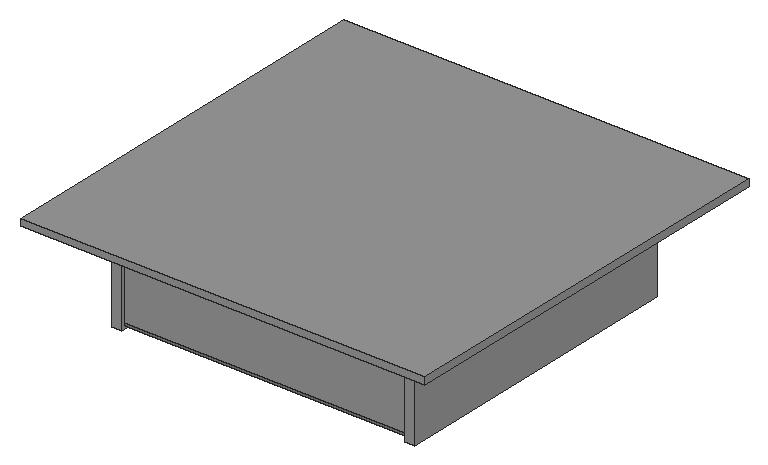
Revit family "Berica 2.0 M", category Lighting Fixtures, Revit 2020
Family settings
  Round Connector Dimension = Use Diameter
  Part Type = Normal
  OmniClass Number = 23.80.70.00
  OmniClass Title = Lighting
  Work Plane-Based = Yes
  Always vertical = No
  Cut with Voids When Loaded = No
  Light Source = No
  Shared = No
  Room Calculation Point = Yes
Parameters (values of type "Berica 2.0 L 45°x96°")
  Wiring = "-"
  Width mm = 30 mm
  Weight kg = "0.35kg"
  Vertical rotation max = 0.00°
  URL Accessories and power supply units = "https://www.lucelight.it/en/prodotto.php/135447#a-scheda-accessori"
  URL = "https://www.lucelight.it/en/prodotto.php/135447"
  URL Technical sheet = ""
  URL Image = "https://www.lucelight.it/en/prodotto-foto.php/135447"
  URL IES Photometric file = "https://www.lucelight.it/media/prodotti/fotometrie/berica_2.0_ies.zip"
  URL General code = "https://www.lucelight.it/en/prodotto.php/135447#a-generacodice"
  URL Description = "https://www.lucelight.it/en/capitolato.php/135447"
  URL DXF = "https://www.lucelight.it/media/prodotti/dxf/berica_2.0.dxf"
  URL Catalogue = ""
  Power supply unit = "built-in"
  Power supply = "230Vac"
  Power cables = ""
  Power = "8W"
  Optics = "45°x96°"
  No. and type of led = "16 mid power LEDs, 3-step MacAdam, 50 000h L80 B10 (Ta 25°C)"
  Model = "Berica 2.0"
  Manufacturer = "L&L Luce&Light"
  Light source = Light Source Berica 2.0 : L 45°x96°
  Horizontal rotation max = 0.00°
  Notes = "-"
  Mounting = "surface mounted (wall)"
  Material = "body and cover in anticorodal aluminium"
  Lumen output at source = "410 lm (3000K) per beam"
  Description = "Wall mounted for indoor applications, double beam"
  Default Elevation = 1219.2 mm
  Body = L&L_Anticorodal aluminium
  Length mm = 120 mm
  LED Colour = "3000K"
  IP = "IP40"
  Height mm = 120 mm
  Features = "-"
  Energy efficiency class = "A A+ A++"
  Delivered lumen output = "335 lm (3000K, 45°x96°) per beam"
  Cutout dimensions = "-"
  Control system = "ON/OFF"
  Contact = "T: +39 0444 360571; E: lucelight@lucelight.it"
  Company = "L&L Luce&Light"
  Code = "-"
  CRI = "CRI>90"
  Apparent Load Phase 1 = 4.5 W
Reference planes
  plane 1 "Light Source Axis (F/B)": y = 0
  plane 2: z = 0
  plane 3 "Light Source Axis (L/R)": x = 0
  plane 4 "Light Source Elevation": z = 30
  plane 5: y = 100
  plane 6: z = 40
  plane 7: z = 46
Lines and regions (mm)
  reference lines
    curve 1: line (0, -42.904, 45) -> (0, -42.904, 29)
Dimensions and locks
  plane 1 "Light Source Axis (F/B)" to plane 5 = 100 mm
  level to plane 4 "Light Source Elevation" = 30 mm
  aligned and locked: level to plane 2
Nested families
  nested 1: "Light Source Berica 2.0" at (-1.053, 0, 13) x (1, 0, 0) z (0, 1, 0), type <- "Light source", type "L 45°x96°"
  nested 2: "Berica 2.0" at (0, 0, 0), Body <- "Body", type "Berica 2.0_mod"
    with Body L&L_Anticorodal aluminium
Connectors
  electrical at (0, 0, 0), driven by "Apparent Load Phase 1"
    settings: index 1, voltage 500 V, apparent load 0 VA, apparent load phase1 4.5 VA, apparent load phase2 0 VA, apparent load phase3 0 VA, power factor 1, load classification "Lighting", number of poles 1, system type 31, power factor state 1, is connector primary yes, connector utility no, sub classification motor no, connector description ""
Definition of nested family "Berica 2.0"
  Parameters (values of type "Berica 2.0_mod")
    Default Elevation = 1219.2 mm
    Body [instance] = none
  Reference planes
    plane 1 "Light Source Axis (F/B)": y = 0
    plane 2: z = 0
    plane 3 "Light Source Axis (L/R)": x = 0
    plane 4 "Light Source Elevation": z = 40.4
    plane 5: y = 60
    plane 6: y = -60
    plane 7: x = -45
    plane 8: x = 45
    plane 9: y = 45
    plane 10: y = -45
    plane 11: y = 26
    plane 12: y = 28
    plane 13: y = -26
    plane 14: y = -28
    plane 15: x = 25
    plane 16: x = -26
    plane 17: y = 44.2
  Forms (mm)
    Extrusion 1, solid, material <- "Body", detail levels medium+fine
      sketch origin (-23.469, 36.076, 1199) x (0, 1, 0) y (0, 0, 1)
        loop
          line (23.924, -1171) -> (23.924, -1169) -> (-96.076, -1169) -> (-96.076, -1171) -> (23.924, -1171)
      from -36.531 to 83.469
    Extrusion 2, solid, material <- "Body", detail levels fine
      sketch origin (-45, 97.983, 1200.148) x (0, 1, 0) y (0, 0, 1)
        loop
          line (-69.983, -1172.148) -> (-71.983, -1172.148) -> (-71.983, -1172.948) -> (-69.983, -1172.948) -> (-69.983, -1172.148)
        loop
          line (-125.983, -1172.148) -> (-125.983, -1172.948) -> (-123.983, -1172.948) -> (-123.983, -1172.148) -> (-125.983, -1172.148)
      from 0 to 90
    Extrusion 3, solid, material <- "Body", detail levels fine
      sketch origin (-45, 97.983, 1200) x (0, 1, 0) y (0, 0, 1)
        loop
          line (-52.983, -1172.817) -> (-142.983, -1172.817) -> (-142.983, -1174.817) -> (-52.983, -1174.817) -> (-52.983, -1172.817)
      from 0 to 90
    Extrusion 4, solid, material <- "Body", detail levels fine
      sketch origin (-45, 97.983, 1192.817) x (0, 1, 0) y (0, 0, 1)
        loop
          line (-80.483, -1170.817) -> (-115.483, -1170.817) -> (-115.483, -1190.817) -> (-80.483, -1190.817) -> (-80.483, -1170.817)
      from 19 to 70
    Extrusion 5, solid, material <- "Body", detail levels fine
      sketch origin (98.512, -45, 1200) x (1, 0, 0) y (0, 0, 1)
        loop
          line (-53.512, -1200) -> (-53.512, -1174.817) -> (-56.512, -1174.817) -> (-56.512, -1200) -> (-53.512, -1200)
        loop
          line (-143.512, -1200) -> (-140.512, -1200) -> (-140.512, -1174.817) -> (-143.512, -1174.817) -> (-143.512, -1200)
      from -90 to 0
    Extrusion 6, solid, material <- "Body", detail levels fine
      sketch origin (98.512, -45, 1200) x (1, 0, 0) y (0, 0, 1)
        loop
          line (-56.512, -1200) -> (-56.512, -1198) -> (-140.512, -1198) -> (-140.512, -1200) -> (-56.512, -1200)
      from -3.3 to -86.7
    Extrusion 7, solid, material <- "Body", detail levels coarse
      sketch origin (-23.469, 36.076, 1200) x (0, 1, 0) y (0, 0, 1)
        loop
          line (23.924, -1200) -> (23.924, -1170) -> (-96.076, -1170) -> (-96.076, -1200) -> (23.924, -1200)
      from -36.531 to 83.469
    Extrusion 8, solid, material <- "Body", detail levels medium
      sketch origin (-23.469, 36.076, 1200) x (0, 1, 0) y (0, 0, 1)
        loop
          line (8.924, -1200) -> (8.924, -1172) -> (-81.076, -1172) -> (-81.076, -1200) -> (8.924, -1200)
      from -36.531 to 83.469
    Extrusion 9, solid, material <- "Body", detail levels fine
      sketch origin (-45, 97.983, 1200) x (0, 1, 0) y (0, 0, 1)
        loop
          line (-53.783, -1174.817) -> (-56.283, -1174.817) -> (-56.283, -1200) -> (-55.426, -1200) -> (-54.329, -1199.489) -> (-53.783, -1198.317) -> (-53.783, -1174.817)
        loop
          line (-142.183, -1174.817) -> (-142.183, -1198.317) -> (-141.636, -1199.489) -> (-140.54, -1200) -> (-139.683, -1200) -> (-139.683, -1174.817) -> (-142.183, -1174.817)
      from 3 to 87
  Dimensions and locks
    level to plane 4 "Light Source Elevation" = 40.4 mm
    plane 9 to plane 1 "Light Source Axis (F/B)" = 45 mm
    plane 6 to plane 5 = 120 mm
    Extrusion 7 to Extrusion 7 = 120 mm
    Extrusion 7 to Extrusion 7 = 30 mm
    aligned and locked: level to plane 2
    aligned and locked: plane 6 to Extrusion 1
    aligned and locked: Extrusion 1 to plane 5
    aligned and locked: plane 15 to Extrusion 4
    aligned and locked: Extrusion 4 to plane 16
Definition of nested family "Light Source Berica 2.0"
  Parameters (values of type "L 45°x96°")
    Wattage = 2.76016 W
    built-in parameter 1150110 = 1 (stored number, unit not read)
    built-in parameter 1114217 = 1 (stored number, unit not read)
    Tilt Angle = -90.00°
    built-in parameter 1150109 = 1 (stored number, unit not read)
    built-in parameter 1150134 = (empty or 0)
    built-in parameter 1150113 = 1 (stored number, unit not read)
    Photometric Web File = "BERICA 2.0 L 45°x96° [3000K 8W 230Vac].IES"
    built-in parameter 1150142 = "IESNA:LM-63-2002\r\n[TEST] 20201109-0833\r\n[TESTLAB] L&L\r\n[TESTDATE] 9 Nov 2020\r\n[ISSUEDATE] 9 Nov 2020\r\n[MANUFAC] L&L\r\n[LUMCAT] BERICA 2.0 L 45°x96° [3000K 8W 230Vac]\r\n[LUMINAIRE] BERICA 2.0 L 45°x96° [3000K 8W 230Vac]\r\n[FLASHAREA] 0.000363\r\n[LAMPCAT] Midpower LED\r\n[LAMP] Midpower LED\r\nTILT=NONE\r\n16 41.81 1.0 181 73 1 2 0.020 0.075 0.000\r\n1.00 1.00 8.00\r\n0.00 1.00 2.00 3.00 4.00 5.00 6.00 7.00 8.00 9.00 10.00 \r\n11.00 12.00 13.00 14.00 15.00 16.00 17.00 18.00 19.00 \r\n20.00 21.00 22.00 23.00 24.00 25.00 26.00 27.00 28.00 \r\n29.00 30.00 31.00 32.00 33.00 34.00 35.00 36.00 37.00 \r\n38.00 39.00 40.00 41.00 42.00 43.00 44.00 45.00 46.00 \r\n47.00 48.00 49.00 50.00 51.00 52.00 53.00 54.00 55.00 \r\n56.00 57.00 58.00 59.00 60.00 61.00 62.00 63.00 64.00 \r\n65.00 66.00 67.00 68.00 69.00 70.00 71.00 72.00 73.00 \r\n74.00 75.00 76.00 77.00 78.00 79.00 80.00 81.00 82.00 \r\n83.00 84.00 85.00 86.00 87.00 88.00 89.00 90.00 91.00 \r\n92.00 93.00 94.00 95.00 96.00 97.00 98.00 99.00 100.00 \r\n101.00 102.00 103.00 104.00 105.00 106.00 107.00 108.00 \r\n109.00 110.00 111.00 112.00 113.00 114.00 115.00 116.00 \r\n117.00 118.00 119.00 120.00 121.00 122.00 123.00 124.00 \r\n125.00 126.00 127.00 128.00 129.00 130.00 131.00 132.00 \r\n133.00 134.00 135.00 136.00 137.00 138.00 139.00 140.00 \r\n141.00 142.00 143.00 144.00 145.00 146.00 147.00 148.00 \r\n149.00 150.00 151.00 152.00 153.00 154.00 155.00 156.00 \r\n157.00 158.00 159.00 160.00 161.00 162.00 163.00 164.00 \r\n165.00 166.00 167.00 168.00 169.00 170.00 171.00 172.00 \r\n173.00 174.00 175.00 176.00 177.00 178.00 179.00 180.00 \r\n0.00 5.00 10.00 15.00 20.00 25.00 30.00 35.00 40.00 45.00 \r\n50.00 55.00 60.00 65.00 70.00 75.00 80.00 85.00 90.00 \r\n95.00 100.00 105.00 110.00 115.00 120.00 125.00 130.00 \r\n135.00 140.00 145.00 150.00 155.00 160.00 165.00 170.00 \r\n175.00 180.00 185.00 190.00 195.00 200.00 205.00 210.00 \r\n215.00 220.00 225.00 230.00 235.00 240.00 245.00 250.00 \r\n255.00 260.00 265.00 270.00 275.00 280.00 285.00 290.00 \r\n295.00 300.00 305.00 310.00 315.00 320.00 325.00 330.00 \r\n335.00 340.00 345.00 350.00 355.00 360.00 \r\n224.51 224.54 224.47 224.29 224.04 223.70 223.35 223.00 \r\n222.37 221.64 220.92 220.21 219.23 218.33 217.06 215.88 \r\n214.56 213.07 211.42 209.78 208.08 206.23 204.25 202.16 \r\n200.14 197.85 195.62 193.10 190.58 187.82 185.16 182.17 \r\n179.18 176.35 173.06 169.68 165.83 162.15 158.39 154.58 \r\n150.21 145.95 141.55 136.64 132.14 127.20 122.43 117.54 \r\n112.46 107.56 102.36 97.42 92.53 87.26 82.94 78.07 73.39 \r\n68.85 64.65 60.75 56.75 52.88 49.48 46.11 42.61 39.56 \r\n36.57 33.94 31.23 28.75 26.27 24.18 22.19 20.16 18.36 \r\n16.73 15.10 13.62 12.09 10.74 9.43 8.19 6.97 5.82 4.70 \r\n3.63 2.61 1.77 1.06 0.57 0.41 0.57 1.06 1.77 2.61 3.63 \r\n4.70 5.82 6.97 8.19 9.43 10.74 12.09 13.62 15.10 16.73 \r\n18.36 20.16 22.19 24.18 26.27 28.75 31.23 33.94 36.57 \r\n39.56 42.61 46.11 49.48 52.88 56.75 60.75 64.65 68.85 \r\n73.39 78.07 82.94 87.26 92.53 97.42 102.36 107.56 112.46 \r\n117.54 122.43 127.20 132.14 136.64 141.55 145.95 150.21 \r\n154.58 158.39 162.15 165.83 169.68 173.06 176.35 179.18 \r\n182.17 185.16 187.82 190.58 193.10 195.62 197.85 200.14 \r\n202.16 204.25 206.23 208.08 209.78 211.42 213.07 214.56 \r\n215.88 217.06 218.33 219.23 220.21 220.92 221.64 222.37 \r\n223.00 223.35 223.70 224.04 224.29 224.47 224.54 224.51 \r\n224.51 224.52 224.54 224.33 224.15 223.91 223.51 223.06 \r\n222.50 221.87 221.15 220.42 219.44 218.46 217.35 216.01 \r\n214.64 213.30 211.69 209.95 208.00 206.07 204.17 201.90 \r\n199.93 197.49 195.16 192.56 189.89 186.94 184.27 181.41 \r\n178.28 175.17 171.67 168.15 164.46 160.53 156.61 152.65 \r\n148.28 143.97 139.14 134.86 129.91 125.22 120.09 115.30 \r\n110.48 105.40 100.63 95.79 91.04 86.35 81.37 76.97 72.70 \r\n68.36 64.46 60.49 56.80 53.01 49.79 46.55 43.32 40.56 \r\n37.65 34.94 32.40 29.95 27.83 25.52 23.64 21.73 19.94 \r\n18.32 16.76 15.24 13.77 12.36 11.16 9.84 8.57 7.39 6.20 \r\n5.17 4.02 3.13 2.36 1.79 1.68 1.79 2.36 3.13 4.02 5.17 \r\n6.20 7.39 8.57 9.84 11.16 12.36 13.77 15.24 16.76 18.32 \r\n19.94 21.73 23.64 25.52 27.83 29.95 32.40 34.94 37.65 \r\n40.56 43.32 46.55 49.79 53.01 56.80 60.49 64.46 68.36 \r\n72.70 76.97 81.37 86.35 91.04 95.79 100.63 105.40 110.48 \r\n115.30 120.09 125.22 129.91 134.86 139.14 143.97 148.28 \r\n152.65 156.61 160.53 164.46 168.15 171.67 175.17 178.28 \r\n181.41 184.27 186.94 189.89 192.56 195.16 197.49 199.93 \r\n201.90 204.17 206.07 208.00 209.95 211.69 213.30 214.64 \r\n216.01 217.35 218.46 219.44 220.42 221.15 221.87 222.50 \r\n223.06 223.51 223.91 224.15 224.33 224.54 224.52 224.51 \r\n224.51 224.65 224.67 224.49 224.33 224.04 223.72 223.18 \r\n222.58 221.87 221.26 220.39 219.31 218.21 217.03 215.58 \r\n214.12 212.60 210.90 209.07 207.19 205.07 202.87 200.47 \r\n198.14 195.64 192.94 189.93 187.03 183.93 180.81 177.45 \r\n173.89 170.33 166.38 162.32 158.19 154.03 149.87 145.37 \r\n141.09 136.22 131.29 126.84 121.84 117.14 112.23 107.76 \r\n102.85 98.45 93.72 89.12 84.45 80.39 76.23 72.09 68.13 \r\n64.44 60.98 57.28 54.12 50.88 47.80 44.94 42.21 39.71 \r\n37.09 34.74 32.48 30.32 28.42 26.40 24.64 22.92 21.35 \r\n19.93 18.39 17.01 15.67 14.30 13.05 11.69 10.49 9.30 8.21 \r\n7.06 5.98 5.04 4.33 3.77 3.64 3.77 4.33 5.04 5.98 7.06 \r\n8.21 9.30 10.49 11.69 13.05 14.30 15.67 17.01 18.39 19.93 \r\n21.35 22.92 24.64 26.40 28.42 30.32 32.48 34.74 37.09 \r\n39.71 42.21 44.94 47.80 50.88 54.12 57.28 60.98 64.44 \r\n68.13 72.09 76.23 80.39 84.45 89.12 93.72 98.45 102.85 \r\n107.76 112.23 117.14 121.84 126.84 131.29 136.22 141.09 \r\n145.37 149.87 154.03 158.19 162.32 166.38 170.33 173.89 \r\n177.45 180.81 183.93 187.03 189.93 192.94 195.64 198.14 \r\n200.47 202.87 205.07 207.19 209.07 210.90 212.60 214.12 \r\n215.58 217.03 218.21 219.31 220.39 221.26 221.87 222.58 \r\n223.18 223.72 224.04 224.33 224.49 224.67 224.65 224.51 \r\n224.51 224.73 224.76 224.64 224.43 224.19 223.76 223.26 \r\n222.55 221.82 220.96 220.05 218.96 217.86 216.36 214.88 \r\n213.23 211.26 209.35 207.10 204.98 202.47 199.86 197.16 \r\n194.24 191.26 188.01 184.82 181.15 177.55 173.98 170.34 \r\n166.18 161.92 157.90 153.29 148.92 144.26 139.74 135.47 \r\n130.24 125.64 120.74 115.91 111.46 106.67 102.35 97.66 \r\n93.18 89.04 85.02 80.88 77.06 73.34 69.77 66.37 62.99 \r\n59.73 56.82 53.92 51.03 48.30 45.71 43.38 40.83 38.89 \r\n36.64 34.65 32.68 30.83 29.13 27.39 25.80 24.31 22.80 \r\n21.34 19.97 18.57 17.36 16.04 14.74 13.50 12.32 11.16 \r\n10.05 9.00 8.04 7.19 6.54 6.13 6.04 6.13 6.54 7.19 8.04 \r\n9.00 10.05 11.16 12.32 13.50 14.74 16.04 17.36 18.57 \r\n19.97 21.34 22.80 24.31 25.80 27.39 29.13 30.83 32.68 \r\n34.65 36.64 38.89 40.83 43.38 45.71 48.30 51.03 53.92 \r\n56.82 59.73 62.99 66.37 69.77 73.34 77.06 80.88 85.02 \r\n89.04 93.18 97.66 102.35 106.67 111.46 115.91 120.74 \r\n125.64 130.24 135.47 139.74 144.26 148.92 153.29 157.90 \r\n161.92 166.18 170.34 173.98 177.55 181.15 184.82 188.01 \r\n191.26 194.24 197.16 199.86 202.47 204.98 207.10 209.35 \r\n211.26 213.23 214.88 216.36 217.86 218.96 220.05 220.96 \r\n221.82 222.55 223.26 223.76 224.19 224.43 224.64 224.76 \r\n224.73 224.51 \r\n224.51 224.74 224.73 224.53 224.37 224.00 223.51 222.85 \r\n222.14 221.27 220.46 219.35 218.09 216.68 214.88 213.02 \r\n210.98 208.65 206.30 203.71 200.90 197.99 195.02 191.65 \r\n188.37 184.68 181.02 177.32 173.11 169.24 165.10 160.61 \r\n156.15 151.64 146.72 142.17 137.50 132.77 127.64 122.80 \r\n118.14 113.77 108.91 104.69 100.25 95.89 92.01 87.71 \r\n84.26 80.35 77.06 73.63 70.43 67.30 64.33 61.51 58.75 \r\n56.36 53.59 51.39 48.90 46.79 44.53 42.51 40.39 38.68 \r\n36.73 35.04 33.29 31.63 30.03 28.37 26.90 25.45 23.95 \r\n22.51 21.25 19.88 18.68 17.38 16.28 15.12 14.06 12.99 \r\n11.95 10.99 10.08 9.43 8.84 8.54 8.40 8.54 8.84 9.43 \r\n10.08 10.99 11.95 12.99 14.06 15.12 16.28 17.38 18.68 \r\n19.88 21.25 22.51 23.95 25.45 26.90 28.37 30.03 31.63 \r\n33.29 35.04 36.73 38.68 40.39 42.51 44.53 46.79 48.90 \r\n51.39 53.59 56.36 58.75 61.51 64.33 67.30 70.43 73.63 \r\n77.06 80.35 84.26 87.71 92.01 95.89 100.25 104.69 108.91 \r\n113.77 118.14 122.80 127.64 132.77 137.50 142.17 146.72 \r\n151.64 156.15 160.61 165.10 169.24 173.11 177.32 181.02 \r\n184.68 188.37 191.65 195.02 197.99 200.90 203.71 206.30 \r\n208.65 210.98 213.02 214.88 216.68 218.09 219.35 220.46 \r\n221.27 222.14 222.85 223.51 224.00 224.37 224.53 224.73 \r\n224.74 224.51 \r\n224.51 224.83 224.86 224.65 224.41 223.96 223.42 222.68 \r\n221.85 221.02 219.74 218.43 216.76 215.08 213.01 210.70 \r\n208.17 205.35 202.46 199.42 196.27 192.59 189.14 185.17 \r\n181.25 177.00 172.94 168.59 164.00 159.24 154.62 150.19 \r\n144.75 140.27 134.86 130.34 125.21 120.36 115.94 111.14 \r\n106.80 102.71 98.26 94.34 90.73 86.92 83.44 80.18 76.95 \r\n73.95 71.01 68.30 65.61 63.02 60.63 58.42 56.12 54.12 \r\n51.89 49.87 47.92 46.07 44.23 42.31 40.60 38.92 37.23 \r\n35.58 33.87 32.42 30.78 29.31 27.87 26.39 25.04 23.73 \r\n22.41 21.25 20.08 18.95 18.00 16.85 15.96 14.93 14.06 \r\n13.23 12.43 11.88 11.41 11.09 10.98 11.09 11.41 11.88 \r\n12.43 13.23 14.06 14.93 15.96 16.85 18.00 18.95 20.08 \r\n21.25 22.41 23.73 25.04 26.39 27.87 29.31 30.78 32.42 \r\n33.87 35.58 37.23 38.92 40.60 42.31 44.23 46.07 47.92 \r\n49.87 51.89 54.12 56.12 58.42 60.63 63.02 65.61 68.30 \r\n71.01 73.95 76.95 80.18 83.44 86.92 90.73 94.34 98.26 \r\n102.71 106.80 111.14 115.94 120.36 125.21 130.34 134.86 \r\n140.27 144.75 150.19 154.62 159.24 164.00 168.59 172.94 \r\n177.00 181.25 185.17 189.14 192.59 196.27 199.42 202.46 \r\n205.35 208.17 210.70 213.01 215.08 216.76 218.43 219.74 \r\n221.02 221.85 222.68 223.42 223.96 224.41 224.65 224.86 \r\n224.83 224.51 \r\n224.51 224.73 224.75 224.55 224.31 223.74 223.03 222.25 \r\n221.36 220.08 218.58 216.88 215.04 212.80 210.22 207.42 \r\n204.63 201.28 197.91 194.04 190.23 186.33 181.87 177.69 \r\n173.15 168.31 163.54 158.92 153.54 148.54 143.62 138.62 \r\n133.81 128.26 123.55 119.04 114.00 109.60 105.37 100.95 \r\n97.22 93.04 89.68 86.28 82.96 79.93 77.11 74.28 71.64 \r\n69.20 66.87 64.68 62.35 60.29 58.39 56.40 54.58 52.69 \r\n50.85 49.19 47.41 45.80 44.01 42.41 40.84 39.32 37.59 \r\n36.19 34.54 33.07 31.62 30.10 28.78 27.48 26.22 25.05 \r\n23.88 22.81 21.71 20.67 19.76 18.83 17.90 17.04 16.29 \r\n15.47 14.86 14.32 13.98 13.67 13.59 13.67 13.98 14.32 \r\n14.86 15.47 16.29 17.04 17.90 18.83 19.76 20.67 21.71 \r\n22.81 23.88 25.05 26.22 27.48 28.78 30.10 31.62 33.07 \r\n34.54 36.19 37.59 39.32 40.84 42.41 44.01 45.80 47.41 \r\n49.19 50.85 52.69 54.58 56.40 58.39 60.29 62.35 64.68 \r\n66.87 69.20 71.64 74.28 77.11 79.93 82.96 86.28 89.68 \r\n93.04 97.22 100.95 105.37 109.60 114.00 119.04 123.55 \r\n128.26 133.81 138.62 143.62 148.54 153.54 158.92 163.54 \r\n168.31 173.15 177.69 181.87 186.33 190.23 194.04 197.91 \r\n201.28 204.63 207.42 210.22 212.80 215.04 216.88 218.58 \r\n220.08 221.36 222.25 223.03 223.74 224.31 224.55 224.75 \r\n224.73 224.51 \r\n224.51 224.79 224.81 224.68 224.20 223.64 222.93 221.95 \r\n220.77 219.06 217.31 215.27 212.85 210.15 207.22 203.94 \r\n200.51 196.75 192.78 188.66 184.09 179.56 174.88 169.56 \r\n164.52 159.33 154.23 148.59 143.34 137.87 133.22 127.80 \r\n122.99 118.14 113.26 108.63 104.33 100.07 96.24 92.78 \r\n89.17 85.91 82.77 80.06 77.28 74.80 72.39 70.18 68.13 \r\n66.04 64.14 62.21 60.48 58.66 56.97 55.25 53.67 52.03 \r\n50.53 48.86 47.30 45.80 44.19 42.65 41.18 39.71 38.30 \r\n36.70 35.33 33.85 32.51 31.25 30.01 28.86 27.66 26.64 \r\n25.48 24.52 23.54 22.56 21.72 20.73 19.98 19.19 18.48 \r\n17.87 17.31 16.88 16.45 16.21 16.09 16.21 16.45 16.88 \r\n17.31 17.87 18.48 19.19 19.98 20.73 21.72 22.56 23.54 \r\n24.52 25.48 26.64 27.66 28.86 30.01 31.25 32.51 33.85 \r\n35.33 36.70 38.30 39.71 41.18 42.65 44.19 45.80 47.30 \r\n48.86 50.53 52.03 53.67 55.25 56.97 58.66 60.48 62.21 \r\n64.14 66.04 68.13 70.18 72.39 74.80 77.28 80.06 82.77 \r\n85.91 89.17 92.78 96.24 100.07 104.33 108.63 113.26 \r\n118.14 122.99 127.80 133.22 137.87 143.34 148.59 154.23 \r\n159.33 164.52 169.56 174.88 179.56 184.09 188.66 192.78 \r\n196.75 200.51 203.94 207.22 210.15 212.85 215.27 217.31 \r\n219.06 220.77 221.95 222.93 223.64 224.20 224.68 224.81 \r\n224.79 224.51 \r\n224.51 224.82 224.83 224.51 224.06 223.48 222.65 221.36 \r\n219.76 217.95 215.70 213.08 210.32 207.11 203.69 200.00 \r\n196.06 191.54 187.28 182.55 177.38 172.15 167.15 161.59 \r\n155.90 150.35 144.62 139.46 133.43 128.28 123.25 118.14 \r\n113.38 108.74 104.34 100.25 96.26 92.48 89.19 85.86 83.02 \r\n80.45 77.87 75.44 73.17 71.06 69.19 67.44 65.64 63.89 \r\n62.20 60.70 59.15 57.50 56.10 54.59 53.14 51.75 50.33 \r\n48.84 47.43 45.87 44.44 43.01 41.49 40.24 38.76 37.46 \r\n36.19 34.93 33.72 32.63 31.55 30.43 29.36 28.29 27.39 \r\n26.26 25.41 24.50 23.66 22.81 22.01 21.31 20.68 20.12 \r\n19.62 19.24 18.82 18.52 18.37 18.52 18.82 19.24 19.62 \r\n20.12 20.68 21.31 22.01 22.81 23.66 24.50 25.41 26.26 \r\n27.39 28.29 29.36 30.43 31.55 32.63 33.72 34.93 36.19 \r\n37.46 38.76 40.24 41.49 43.01 44.44 45.87 47.43 48.84 \r\n50.33 51.75 53.14 54.59 56.10 57.50 59.15 60.70 62.20 \r\n63.89 65.64 67.44 69.19 71.06 73.17 75.44 77.87 80.45 \r\n83.02 85.86 89.19 92.48 96.26 100.25 104.34 108.74 113.38 \r\n118.14 123.25 128.28 133.43 139.46 144.62 150.35 155.90 \r\n161.59 167.15 172.15 177.38 182.55 187.28 191.54 196.06 \r\n200.00 203.69 207.11 210.32 213.08 215.70 217.95 219.76 \r\n221.36 222.65 223.48 224.06 224.51 224.83 224.82 224.51 \r\n224.51 224.83 224.81 224.51 223.95 223.23 222.16 220.63 \r\n218.85 216.47 213.99 211.01 207.84 204.36 200.48 196.16 \r\n191.39 186.95 181.55 176.52 170.71 165.49 159.64 153.65 \r\n147.75 141.89 135.89 130.31 124.86 119.39 114.93 109.78 \r\n105.55 100.88 97.09 93.30 89.85 86.62 83.75 80.99 78.59 \r\n76.26 74.14 72.09 70.32 68.43 66.85 65.34 63.89 62.48 \r\n60.98 59.64 58.24 57.01 55.62 54.33 53.07 51.77 50.30 \r\n49.06 47.58 46.25 44.85 43.52 42.26 40.81 39.67 38.45 \r\n37.41 36.28 35.20 34.12 33.12 32.05 31.13 30.15 29.27 \r\n28.30 27.46 26.53 25.69 24.88 24.13 23.54 22.87 22.38 \r\n21.91 21.42 20.99 20.71 20.50 20.71 20.99 21.42 21.91 \r\n22.38 22.87 23.54 24.13 24.88 25.69 26.53 27.46 28.30 \r\n29.27 30.15 31.13 32.05 33.12 34.12 35.20 36.28 37.41 \r\n38.45 39.67 40.81 42.26 43.52 44.85 46.25 47.58 49.06 \r\n50.30 51.77 53.07 54.33 55.62 57.01 58.24 59.64 60.98 \r\n62.48 63.89 65.34 66.85 68.43 70.32 72.09 74.14 76.26 \r\n78.59 80.99 83.75 86.62 89.85 93.30 97.09 100.88 105.55 \r\n109.78 114.93 119.39 124.86 130.31 135.89 141.89 147.75 \r\n153.65 159.64 165.49 170.71 176.52 181.55 186.95 191.39 \r\n196.16 200.48 204.36 207.84 211.01 213.99 216.47 218.85 \r\n220.63 222.16 223.23 223.95 224.51 224.81 224.83 224.51 \r\n224.51 224.81 224.69 224.38 223.83 222.97 221.63 219.99 \r\n217.71 215.15 212.10 209.02 205.20 201.43 196.74 192.13 \r\n187.47 181.65 176.32 170.43 164.56 158.14 152.71 146.20 \r\n140.12 134.21 128.10 122.94 116.96 112.10 107.48 102.90 \r\n98.79 95.07 91.09 88.11 84.92 82.21 79.63 77.26 75.32 \r\n73.30 71.47 69.71 68.13 66.56 65.34 63.86 62.68 61.48 \r\n60.27 59.03 57.90 56.66 55.51 54.31 53.05 51.84 50.42 \r\n49.25 47.91 46.63 45.42 44.17 42.97 41.94 40.83 39.84 \r\n38.85 37.76 36.78 35.81 34.92 33.96 33.02 32.13 31.19 \r\n30.33 29.43 28.61 27.82 27.05 26.36 25.63 25.12 24.53 \r\n24.10 23.60 23.11 22.84 22.63 22.84 23.11 23.60 24.10 \r\n24.53 25.12 25.63 26.36 27.05 27.82 28.61 29.43 30.33 \r\n31.19 32.13 33.02 33.96 34.92 35.81 36.78 37.76 38.85 \r\n39.84 40.83 41.94 42.97 44.17 45.42 46.63 47.91 49.25 \r\n50.42 51.84 53.05 54.31 55.51 56.66 57.90 59.03 60.27 \r\n61.48 62.68 63.86 65.34 66.56 68.13 69.71 71.47 73.30 \r\n75.32 77.26 79.63 82.21 84.92 88.11 91.09 95.07 98.79 \r\n102.90 107.48 112.10 116.96 122.94 128.10 134.21 140.12 \r\n146.20 152.71 158.14 164.56 170.43 176.32 181.65 187.47 \r\n192.13 196.74 201.43 205.20 209.02 212.10 215.15 217.71 \r\n219.99 221.63 222.97 223.83 224.38 224.69 224.81 224.51 \r\n224.51 224.84 224.73 224.33 223.68 222.67 221.11 219.05 \r\n216.68 213.80 210.39 206.83 202.68 198.38 193.74 188.20 \r\n182.81 176.90 170.96 164.65 158.51 152.16 145.98 139.61 \r\n133.38 127.16 121.40 115.98 110.58 105.59 101.47 97.55 \r\n93.65 89.98 86.83 83.95 81.13 78.93 76.53 74.62 72.72 \r\n70.95 69.45 67.90 66.67 65.31 64.12 63.04 62.09 61.04 \r\n59.88 58.81 57.76 56.69 55.62 54.40 53.32 52.11 50.93 \r\n49.77 48.49 47.36 46.15 45.18 44.23 43.28 42.26 41.37 \r\n40.42 39.51 38.51 37.63 36.75 35.83 35.02 34.09 33.34 \r\n32.40 31.59 30.82 30.01 29.32 28.61 28.03 27.36 26.85 \r\n26.25 25.72 25.22 24.87 24.74
